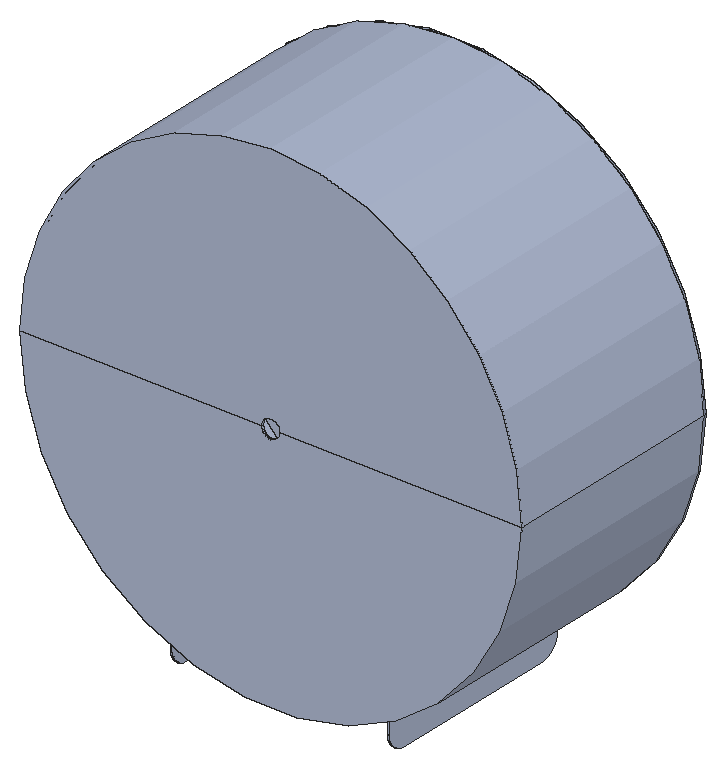
Revit family "BRG-CMP-ACC_DISPENSADOR DE PAPEL CIRCULAR v03", category Aparatos sanitarios, Revit 2019
Family settings
  Anfitrión = Muro
  Cota de conector redondo = Diámetro de uso
  Tipo de pieza = Normal
  Número OmniClass = 23.45.00.00
  Título OmniClass = Sanitary, Laundry, and Cleaning Equipment
  Siempre vertical = Sí
  Corte con vacíos al cargar = No
  Compartido = No
  Punto de cálculo de habitación = No
Parameters (values of type "DISPENSADOR DE PAPEL CIRCULAR")
  _EDESA_ Tipo de instalación = "A la pared"
  _EDESA_ Sku/código = "SC0028593061CW"
  _EDESA_ Página web = "https://www.briggs.com.ec/productos/fichastecnicaspdf/Briggs/Institucional/Dispensador_circular_papel.pdf"
  _EDESA_ Profundidad en cm = "12.7"
  _EDESA_ Productos necesarios para instalación = ""
  _EDESA_ Productos incluídos = "Tacos y tornillos"
  _EDESA_ Peso en kg = ""
  _EDESA_ Nombre = "DISPENSADOR DE PAPEL CIRCULAR"
  _EDESA_ Materiales = "Acero Inoxidable S304"
  _EDESA_ Marca = "BRIGGS"
  _EDESA_ Garantía = "2 años"
  _EDESA_ Distancia de instalación en cm (muro terminado) = ""
  _EDESA_ Descripción = "Dispensador de papel higiénico para lugares de alto tráfico."
  _EDESA_ Cumple normativa ADA = ""
  _EDESA_ Contacto comercial = "(02) 395 2900"
  _EDESA_ Consumo/capacidad de agua en L = ""
  _EDESA_ Color = "cromo"
  _EDESA_ Certificación = ""
  _EDESA_ Categoría = "Productos > Complementos > Accesorios"
  _EDESA_ Ancho en cm = "27"
  _EDESA_ Alto en cm = "27.5"
  URL = "https://www.briggs.com.ec/productos/fichastecnicaspdf/Briggs/Institucional/Dispensador_circular_papel.pdf"
  Modelo = "DISPENSADOR DE PAPEL CIRCULAR"
  Fabricante = "BRIGGS"
Reference planes (m)
  plane 1: y = 0
  plane 2 "Centro (Izquierda/Derecha)": x = 0.125
  plane 3 "Posterior": y = 0.075
Text (m)
  text "Cara de colocación" at (-1.787139, 0.59235, 0), in view "Nivel de referencia"
  text "Cara de colocación" at (0, 1.827695, 2.917686), in view "Izquierda"
  text "Cara de colocación" at (0, 0.562268, 3.853606), in view "Derecha"
Dimensions and locks (m)
  locked: plane 3 "Posterior" to host wall at 0
  aligned and locked: host wall to plane 1
  aligned and locked: nested 1 to plane 3 "Posterior"
  aligned and locked: nested 1 to plane 2 "Centro (Izquierda/Derecha)"
Nested families (m)
  nested 1: "DISPENSADOR" at (0.125, 0.075, 0) x (-1, 0, 0) z (0, 0, 1), type "BELA MONOMANDO PARA LAVAMANOS CROMO"
Definition of nested family "DISPENSADOR"
  Parameters (values of type "BELA MONOMANDO PARA LAVAMANOS CROMO")
    _EDESA_tipo genérico = "Inodoro"
    _EDESA_URL de ficha técnica = "https://edesa.com.ec/productos/fichastecnicaspdf/Edesa/Sanitarios/Andes.pdf"
    _EDESA_Imagen = 0
    _EDESA_Fábrica nacional = "EDESA Ecuador"
    _EDESA_Código de producto = "JS0022641301CE"
    _EDESA_ Tolerancia dimensional = "± 3% > 20 cm ± 5% < 20 cm"
    _EDESA_ Tipo de montaje / instalación = "30.5 cm"
    _EDESA_ Superficie del agua = "15.5 cm x 18.8 cm"
    _EDESA_ SKU = "JS0022641301CE"
    _EDESA_ Material secundario = "Plástico blanco"
    _EDESA_ Material principal = "Porcelana tono verde mist"
    _EDESA_ Altura = 72.80 m
    _EDESA_ Peso = "23.20 Kg"
    _EDESA_ Nivel mínimo del agua del tanque = "17.5 cm"
    _EDESA_ Largo = 67.50 m
    _EDESA_ Espesor mínimo = "0.6 cm"
    _EDESA_ Diámetro trampa = "4.8 cm"
    _EDESA_ Color = "Blanco"
    _EDESA_ Categoria = "Two pieces"
    _EDESA_ Capacidad / consumo de agua = "4.8 litros"
    _EDESA_ Ancho = 36.50 m
    _EDESA_ Altura de sello = "5.1"
    _ALT_Eje instalación = 0.60 m
    _ALT_Meson = 0.85 m
    URL = "https://edesa.com.ec/productos/fichastecnicaspdf/Edesa/Sanitarios/Andes.pdf"
    Model = "_Edesa_ INODORO ANDES C/A BLANCO"
    Type Image = (empty or 0)
    Manufacturer = "EDESA Ecuador"
    Vent Connection = yes
    Waste Connection = yes
    CW Connection = yes
    HW Connection = yes
  Reference planes (m)
    plane 1 "Centro (Frontal/Posterior)": y = 0
    plane 2: z = 0
    plane 3 "Centro (Izquierda/Derecha)": x = 0
    plane 4 "_Alt_Altura de Meson": z = 0.85
    plane 5 "RP_Llave": through (4.2672, -0.123674, 0.899943) normal (0, 0.2588, 0.9659)
    plane 6 "Centro I/E": z = 0.946565
    plane 7 "_RP_Eje": z = 0.6
  Forms (m)
    Revolve 1, solid
      sketch origin (0, 0, 0.6) x (0, 1, 0) y (-1, 0, 0)
        loop
          line (0, -0.005) -> (-0.001, -0.005) -> (-0.001, -0.134) -> (-0.124, -0.134) -> (-0.124, -0.042448) -> (-0.122, -0.040448) -> (-0.122, 0) -> (-0.123767, 0) -> (-0.123767, -0.00181) -> (-0.122629, -0.002948) -> (-0.123, -0.003742) -> (-0.123, -0.040034) -> (-0.125, -0.042034) -> (-0.125, -0.133)
          arc (-0.125, -0.133) -> (-0.124414, -0.134414) -> (-0.123, -0.135) r 0.002
          line (-0.123, -0.135) -> (0, -0.135) -> (0, -0.005)
        axis (0, 0) -> (-0.125, 0)
      angle from 0 to 360
    Extrusion 2, void
      sketch origin (0, 0, 0.6) x (-1, 0, 0) y (0, 0, -1)
        loop
          line (0.003, 0.057) -> (0.003, 0.101)
          arc (0.003, 0.101) -> (0, 0.104) -> (-0.003, 0.101) r 0.003
          line (-0.003, 0.101) -> (-0.003, 0.057)
          arc (-0.003, 0.057) -> (0, 0.054) -> (0.003, 0.057) r 0.003
      from 0.129673 to 0.119
    Extrusion 3, void
      sketch origin (0, 0, 0) x (0, 1, 0) y (0, 0, 1)
        loop
          line (-0.119, 0.494489) -> (-0.119, 0.465) -> (-0.006, 0.465) -> (-0.006, 0.494489) -> (-0.119, 0.494489)
      from -0.059 to 0.059
    Extrusion 4, solid
      sketch origin (-0.059, 0, 0) x (0, 1, 0) y (0, 0, 1)
        loop
          arc (-0.015999, 0.460571) -> (-0.009131, 0.4633) -> (-0.006009, 0.469998) r 0.010006
          line (-0.006009, 0.469998) -> (-0.006009, 0.494489) -> (-0.118997, 0.494489) -> (-0.118997, 0.470575)
          arc (-0.118997, 0.470575) -> (-0.116067, 0.463501) -> (-0.108994, 0.460571) r 0.010004
          arc (-0.108994, 0.460571) -> (-0.062496, 0.461382) -> (-0.015999, 0.460571) r 1.332878
      from 0.001 to 0
    Extrusion 5, solid
      sketch origin (0.059, 0, 0) x (0, -1, 0) y (0, 0, 1)
        loop
          arc (0.015999, 0.460571) -> (0.062496, 0.461382) -> (0.108994, 0.460571) r 1.332878
          arc (0.108994, 0.460571) -> (0.116067, 0.463501) -> (0.118997, 0.470575) r 0.010004
          line (0.118997, 0.470575) -> (0.118997, 0.494489) -> (0.006009, 0.494489) -> (0.006009, 0.469998)
          arc (0.006009, 0.469998) -> (0.009131, 0.4633) -> (0.015999, 0.460571) r 0.010006
      from 0.001 to 0
  Cuts and joins
    Extrusion 2, Extrusion 3 cuts Revolve 1
  Dimensions and locks (m)
    plane 4 "_Alt_Altura de Meson" to level = 0.85 m
    "_ALT_Eje instalación": plane 7 "_RP_Eje" to plane 2
    "_ALT_Meson": plane 4 "_Alt_Altura de Meson" to plane 2
    aligned and locked: level to plane 2
  Automatic sketch dimensions
    Extrusion 2 sketch curve to Revolve 1 = 0.057 m
    Extrusion 2 sketch curve to Extrusion 2 sketch curve = 0.003 m
    Extrusion 2 sketch curve to Extrusion 2 sketch curve = 0.044 m
    plane 1 "Centro (Frontal/Posterior)" to Extrusion 3 sketch curve = 0.119 m
    plane 1 "Centro (Frontal/Posterior)" to Extrusion 3 sketch curve = 0.006 m
    Extrusion 3 sketch curve to plane 7 "_RP_Eje" = 0.135 m
    Extrusion 3 sketch curve to Extrusion 3 sketch curve = 0.029489 m
    Extrusion 4 sketch curve to Extrusion 3 = 0.00 m
    Extrusion 4 sketch curve to Extrusion 3 = 0.000003 m
    Extrusion 4 sketch curve to Extrusion 4 sketch curve = 0.010004 m
    Extrusion 4 sketch curve to Extrusion 3 = 0.056498 m
    Extrusion 4 sketch curve to Extrusion 3 = 0.005577 m
    Extrusion 4 sketch curve to Extrusion 3 = 0.009999 m
    Extrusion 4 sketch curve to Extrusion 3 = 0.000009 m
    Extrusion 4 sketch curve to Extrusion 3 = 0.023914 m
    Extrusion 4 sketch curve to Extrusion 4 sketch curve = 1.332067 m
    plane 1 "Centro (Frontal/Posterior)" to Extrusion 5 sketch curve = 0.006009 m
    Extrusion 5 sketch curve to Extrusion 5 sketch curve = 0.00999 m
    plane 1 "Centro (Frontal/Posterior)" to Extrusion 5 sketch curve = 0.062502 m
    Extrusion 5 sketch curve to Extrusion 5 sketch curve = 0.092995 m
    Extrusion 5 sketch curve to Extrusion 5 sketch curve = 0.010004 m
    Extrusion 5 sketch curve to level = 0.871496 m
    Extrusion 5 sketch curve to plane 7 "_RP_Eje" = 0.130002 m
    Extrusion 5 sketch curve to Extrusion 5 sketch curve = 0.000577 m
    Extrusion 5 sketch curve to Extrusion 5 sketch curve = 0.023914 m
    Revolve 1 sketch curve to plane 3 "Centro (Izquierda/Derecha)" = 0.00 m  (x2)
    plane 1 "Centro (Frontal/Posterior)" to Revolve 1 sketch curve = 0.00 m
    plane 1 "Centro (Frontal/Posterior)" to Revolve 1 sketch curve = 0.001 m
    plane 3 "Centro (Izquierda/Derecha)" to Revolve 1 sketch curve = 0.040448 m
    plane 1 "Centro (Frontal/Posterior)" to Revolve 1 sketch curve = 0.122 m
    plane 3 "Centro (Izquierda/Derecha)" to Revolve 1 sketch curve = 0.002948 m
    Revolve 1 sketch curve to Revolve 1 sketch curve = 0.000629 m
    Revolve 1 sketch curve to Revolve 1 sketch curve = 0.001 m  (x5)
    plane 3 "Centro (Izquierda/Derecha)" to Revolve 1 sketch curve = 0.042448 m
    plane 3 "Centro (Izquierda/Derecha)" to Revolve 1 sketch curve = 0.042034 m
    Revolve 1 sketch curve to Revolve 1 sketch curve = 0.090552 m
    Revolve 1 sketch curve to Revolve 1 sketch curve = 0.000414 m
    plane 3 "Centro (Izquierda/Derecha)" to Revolve 1 sketch curve = 0.005 m
    Revolve 1 sketch curve to Revolve 1 sketch curve = 0.001138 m
    plane 3 "Centro (Izquierda/Derecha)" to Revolve 1 sketch curve = 0.00181 m
    Revolve 1 sketch curve to Revolve 1 sketch curve = 0.001755 m
    Revolve 1 sketch curve to Revolve 1 sketch curve = 0.005 m
    Revolve 1 sketch curve to Revolve 1 sketch curve = 0.000795 m
